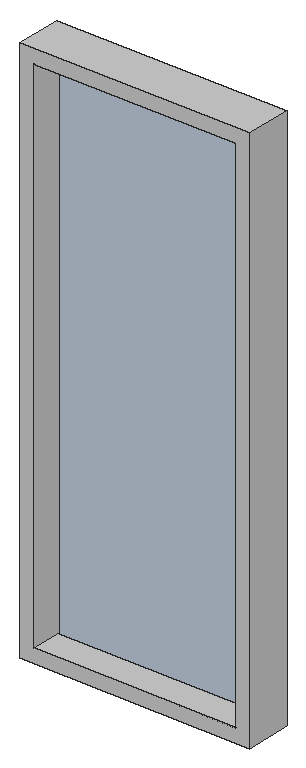
Revit family
Parameters (values of type "@h-door_FSD-750")
  패널폭 = 690 mm
  바닥에서 띄움 = 300 mm
  Thickness = 45 mm
  Height = 1800 mm
  Wall Closure = (empty or 0)
  Width = 750 mm
  Function = (empty or 0)
  Assembly Code = ""
Reference planes
  plane 1: y = 0
  plane 2 "중심(왼쪽/오른쪽)": x = 0
  plane 3 "좌측면": x = -375
  plane 4 "오른쪽": x = 375
  plane 5 "외부": y = 100
  plane 6 "내부": y = -100
  plane 7: z = 2100
  plane 8: z = 300
Forms (mm)
  Sweep 1, solid, material "Steel"
    path in 3D
      loop
        line (375, 100, 2100) -> (375, 100, 300) -> (-375, 100, 300) -> (-375, 100, 2100) -> (375, 100, 2100)
    profile origin (0, 100, 2100) x (0, -1, 0) y (0, 0, -1)
      loop
        line (0, 0) -> (150, 0) -> (150, 45) -> (50, 45) -> (50, 30) -> (0, 30) -> (0, 0)
  Extrusion 2, solid, material "@h-Steel_Door1"
    sketch origin (345, 100, 330) x (-1, 0, 0) y (0, -1, 0)
      loop
        line (690, 50) -> (0, 50) -> (0, 0) -> (690, 0) -> (690, 50)
    from 0 to 1740
Lines and regions (mm)
  Opening 1
    outline origin (-3050, -100, 0) x (1, 0, 0) y (0, 0, 1)
      loop
        line (2675, 300) -> (3425, 300) -> (3425, 2100) -> (2675, 2100) -> (2675, 300)
  sketch lines
    curve 1: line (-375, 100, 2100) -> (375, 100, 2100)
    curve 2: line (-375, 100, 300) -> (-375, 100, 2100)
    curve 3: line (375, 100, 300) -> (-375, 100, 300)
    curve 4: line (375, 100, 2100) -> (375, 100, 300)
  symbolic lines, style "입면도 스윙"
    curve 5: line (375, -100, 2100) -> (-375, -100, 1200)
    curve 6: line (-375, -100, 1200) -> (375, -100, 300)
  symbolic lines, style "DoorsPanelProjection"
    curve 7: line (-345, 100, 0) -> (142.904, 587.904, 0)
    curve 8: line (-313.18, 68.18, 0) -> (174.723, 556.084, 0)
    curve 9: line (-345, 100, 0) -> (-313.18, 68.18, 0)
    curve 10: line (142.904, 587.904, 0) -> (174.723, 556.084, 0)
  symbolic lines, style "평면도 스윙"
    curve 11: arc (345, 100, 0) -> (300.752, 343.113, 0) -> (173.685, 555.045, 0) r 690
  symbolic lines
    curve 12: line (-375, 100, 0) -> (-375, -50, 0)
    curve 13: line (-345, 100, 0) -> (-345, 50, 0)
    curve 14: line (375, 100, 0) -> (-375, 100, 0)
    curve 15: line (-345, 50, 0) -> (345, 50, 0)
    curve 16: line (-330, -50, 0) -> (-330, 50, 0)
    curve 17: line (-375, -50, 0) -> (375, -50, 0)
    curve 18: line (330, 50, 0) -> (330, -50, 0)
    curve 19: line (345, 50, 0) -> (345, 100, 0)
    curve 20: line (375, -50, 0) -> (375, 100, 0)
Text (mm)
  text "외부" at (-2295.016, 1099.543, 0), in view "참조 레벨"
  text "외부" at (0, 1615.38, 3698.081), in view "좌측면"
  text "외부" at (0, 1036.032, 3874.932), in view "오른쪽"
Dimensions and locks
  equal spacing: plane 3 "좌측면", plane 2 "중심(왼쪽/오른쪽)", plane 4 "오른쪽"
  "Width": plane 3 "좌측면" to plane 4 "오른쪽"
  locked: plane 5 "외부" to host wall at 0
  locked: plane 6 "내부" to host wall
  "바닥에서 띄움": level to plane 8
  equal spacing: plane 7, curve 6, plane 8, locked at 900 each
  "Thickness": curve 8 to curve 7
  "패널폭": curve 9 to curve 10
  aligned and locked: plane 3 "좌측면" to Opening 1 sketch curve
  aligned and locked: Opening 1 sketch curve to plane 4 "오른쪽"
  aligned and locked: plane 1 to host wall
  aligned and locked: Sweep 1 to host wall
Automatic sketch dimensions
  Opening 1 sketch curve to plane 8 = 0 mm
  Opening 1 sketch curve to plane 7 = 0 mm
  Sweep 1 sketch curve to profile plane = 0 mm  (x2)
  Sweep 1 sketch curve to profile plane = 50 mm
  Sweep 1 sketch curve to Sweep 1 sketch curve = 100 mm
  profile plane to Sweep 1 sketch curve = 30 mm
  Sweep 1 sketch curve to Sweep 1 sketch curve = 15 mm
  Extrusion 2 sketch curve to Sweep 1 = 0 mm  (x4)
  curve 5 to plane 3 "좌측면" = 0 mm
  curve 6 to plane 4 "오른쪽" = 0 mm
  curve 5 to plane 4 "오른쪽" = 0 mm
  curve 6 to plane 8 = 0 mm
  curve 5 to plane 7 = 0 mm
  curve 9 to host wall = 0 mm
  curve 11 to plane 3 "좌측면" = 30 mm
  curve 9 to curve 11 = 0 mm
  curve 7 to curve 9 = 31.82 mm
  curve 11 to curve 8 = 1.039 mm
  plane 4 "오른쪽" to curve 11 = 30 mm
  curve 12 to plane 3 "좌측면" = 0 mm
  host wall to curve 12 = 50 mm
  curve 13 to curve 8 = 18.18 mm
  curve 14 to plane 4 "오른쪽" = 0 mm
  plane 4 "오른쪽" to curve 15 = 30 mm
  curve 12 to curve 16 = 45 mm
  plane 4 "오른쪽" to curve 18 = 45 mm
  curve 20 to host wall = 0 mm
